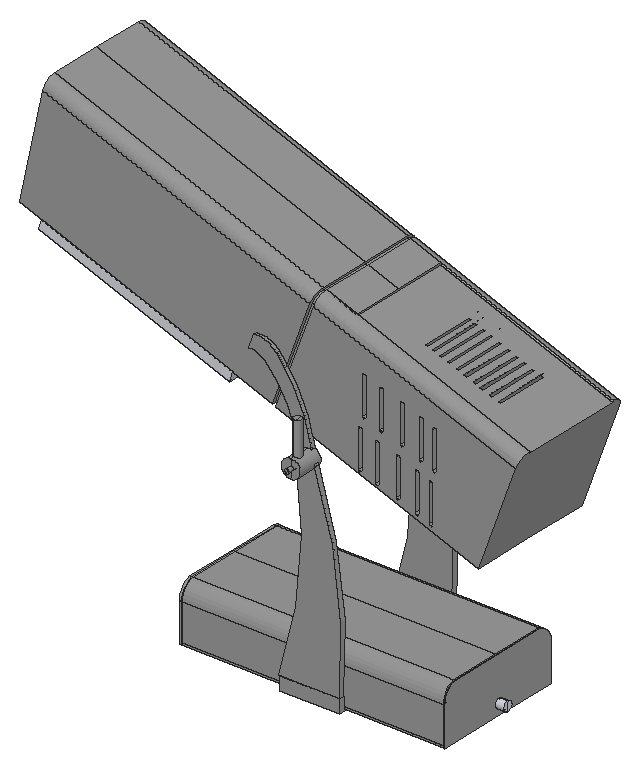
Revit family "PROJECTOR_LED_SPOT_LIGHT", category Lighting Fixtures, host Face, Revit 2018
Family settings
  Host = Face
  Round Connector Dimension = Use Diameter
  Part Type = Normal
  Cut with Voids When Loaded = No
  Light Source = No
  Shared = No
  Room Calculation Point = No
Parameters (values of type "TP.1")
  Rotation [instance] = 70.00°
  ROTATION [instance] = 90.00°
  RO [instance] = 45.00°
  Default Elevation = 1219.2 mm
Reference planes
  plane 1 "Center (Front/Back)": y = 0
  plane 2: z = 0
  plane 3 "Center (Left/Right)": x = 0
  plane 4: y = 47
  plane 5: y = -47
  plane 6: y = 36
  plane 7: y = -36
  plane 8: z = 120
  plane 9: z = 196
  plane 10: z = 162.998
  plane 11: through (1.128, -4572, 119.589) normal (0.342, 0, 0.9397)
  plane 12: z = 120
Forms (mm)
  Extrusion 1, solid
    sketch origin (0, 0, 0) x (0, 1, 0) y (0, 0, 1)
      loop
        line (0, 0) -> (25, 0) -> (25.646, 2.562) -> (39.362, 2.562) -> (39.362, 12.015) -> (36.953, 12.015) -> (36.953, 3.562) -> (24.866, 3.562) -> (24.221, 1) -> (0, 1) -> (-24.221, 1) -> (-24.866, 3.562) -> (-36.953, 3.562) -> (-36.953, 10.027) -> (-39.362, 10.027) -> (-39.362, 2.562) -> (-25.646, 2.562) -> (-25, 0) -> (0, 0)
    from -13.455 to 19.271
  Extrusion 2, solid
    sketch origin (0, 0, 0) x (0, 1, 0) y (0, 0, 1)
      loop
        line (36, 3.562) -> (36, 4.621) -> (-36, 4.621) -> (-36, 3.562) -> (36, 3.562)
    from -70 to 73
  Extrusion 3, solid
    sketch origin (0, 0, 0) x (0, 1, 0) y (0, 0, 1)
      loop
        line (36, 4.621) -> (36, 24.621)
        arc (36, 24.621) -> (33.976, 30.384) -> (28.794, 33.616) r 9.217
        line (28.794, 33.616) -> (0, 33.616) -> (-28.794, 33.616)
        arc (-28.794, 33.616) -> (-33.976, 30.384) -> (-36, 24.621) r 9.217
        line (-36, 24.621) -> (-36, 4.621) -> (0, 4.621) -> (36, 4.621)
    from -70 to 73
  Extrusion 4, solid
    sketch origin (-20.179, 0, 3.634) x (0, 1, 0) y (0.34202, 0, 0.939693)
      loop
        line (35, 126.247) -> (35, 185.874)
        arc (35, 185.874) -> (33.133, 190.383) -> (28.624, 192.25) r 6.376
        line (28.624, 192.25) -> (0, 192.25) -> (-28.624, 192.25)
        arc (-28.624, 192.25) -> (-33.133, 190.383) -> (-35, 185.874) r 6.376
        line (-35, 185.874) -> (-35, 126.247) -> (0, 126.247) -> (35, 126.247)
    from -203 to 73
  Revolve 5, solid
    sketch origin (0, 0, 0) x (0, 1, 0) y (0, 0, 1)
      loop
        line (-48.822, 120) -> (-34.812, 120) -> (-34.812, 125) -> (-48.822, 125) -> (-48.822, 120)
      axis (-48.822, 120) -> (-34.812, 120)
    angle from 0 to 360
  Revolve 6, solid
    sketch origin (0, 0, 0) x (0, 1, 0) y (0, 0, 1)
      loop
        line (-44.373, 124.357) -> (-42.211, 124.357) -> (-42.211, 142.605) -> (-44.373, 142.605) -> (-44.373, 124.357)
      axis (-44.373, 124.357) -> (-44.373, 142.605)
    angle from 0 to 360
  Revolve 7, solid
    sketch origin (0, 0, 0) x (0, 1, 0) y (0, 0, 1)
      loop
        line (-51.332, 120) -> (-33.897, 120) -> (-33.897, 121.201) -> (-51.332, 121.201) -> (-51.332, 120)
      axis (-51.332, 120) -> (-33.897, 120)
    angle from 0 to 360
  Extrusion 8, solid
    sketch origin (0, 0, 0) x (1, 0, 0) y (0, 0, 1)
      loop
        line (3.664, 117.622) -> (2.682, 121.878) -> (-0.982, 124.256) -> (-3.664, 122.378) -> (-2.682, 118.122) -> (0.982, 115.744) -> (3.664, 117.622)
    from 33.897 to 35
  Revolve 9, solid
    sketch origin (0, 0, 0) x (0, -1, 0) y (0, 0, 1)
      loop
        line (-48.822, 120) -> (-34.891, 120) -> (-34.891, 125) -> (-48.822, 125) -> (-48.822, 120)
      axis (-48.822, 120) -> (-34.891, 120)
    angle from 0 to 360
  Revolve 10, solid
    sketch origin (0, 0, 0) x (0, -1, 0) y (0, 0, 1)
      loop
        line (-44.373, 124.357) -> (-42.211, 124.357) -> (-42.211, 142.605) -> (-44.373, 142.605) -> (-44.373, 124.357)
      axis (-44.373, 124.357) -> (-44.373, 142.605)
    angle from 0 to 360
  Revolve 11, solid
    sketch origin (0, 0, 0) x (0, -1, 0) y (0, 0, 1)
      loop
        line (-51.332, 120) -> (-33.897, 120) -> (-33.897, 121.201) -> (-51.332, 121.201) -> (-51.332, 120)
      axis (-51.332, 120) -> (-33.897, 120)
    angle from 0 to 360
  Extrusion 12, solid
    sketch origin (0, 0, 0) x (1, 0, 0) y (0, 0, -1)
      loop
        line (3.664, -117.622) -> (0.982, -115.744) -> (-2.682, -118.122) -> (-3.664, -122.378) -> (-0.982, -124.256) -> (2.682, -121.878) -> (3.664, -117.622)
    from 33.897 to 35
  Extrusion 13, void
    sketch origin (20.864, -35, 116.397) x (-0.34202, 0, -0.939693) y (-0.939693, 0, 0.34202)
      loop
        line (-72.25, 203) -> (0, 192.846) -> (0, 203) -> (-72.25, 203)
    from -161.015 to 250
  Extrusion 14, void
    sketch origin (-41.042, 0, 7.237) x (0.939693, 0, -0.34202) y (0.34202, 0, 0.939693)
      loop
        arc (52.083, 178.118) -> (50.703, 178.762) -> (50.06, 177.382) r 1.077
        line (50.06, 177.382) -> (56.9, 158.588)
        arc (56.9, 158.588) -> (58.28, 157.945) -> (58.924, 159.325) r 1.077
        line (58.924, 159.325) -> (52.083, 178.118)
      loop
        arc (44.12, 178.118) -> (42.74, 178.762) -> (42.097, 177.382) r 1.077
        line (42.097, 177.382) -> (48.937, 158.588)
        arc (48.937, 158.588) -> (50.317, 157.945) -> (50.96, 159.325) r 1.077
        line (50.96, 159.325) -> (44.12, 178.118)
      loop
        arc (33.127, 178.118) -> (31.747, 178.762) -> (31.104, 177.382) r 1.077
        line (31.104, 177.382) -> (37.944, 158.588)
        arc (37.944, 158.588) -> (39.324, 157.945) -> (39.967, 159.325) r 1.077
        line (39.967, 159.325) -> (33.127, 178.118)
      loop
        arc (21.516, 177.103) -> (20.136, 177.746) -> (19.492, 176.366) r 1.077
        line (19.492, 176.366) -> (26.333, 157.572)
        arc (26.333, 157.572) -> (27.713, 156.929) -> (28.356, 158.309) r 1.077
        line (28.356, 158.309) -> (21.516, 177.103)
      loop
        arc (11.516, 177.103) -> (10.136, 177.746) -> (9.492, 176.366) r 1.077
        line (9.492, 176.366) -> (16.333, 157.572)
        arc (16.333, 157.572) -> (17.713, 156.929) -> (18.356, 158.309) r 1.077
        line (18.356, 158.309) -> (11.516, 177.103)
      loop
        arc (59.254, 152.122) -> (57.874, 152.765) -> (57.231, 151.385) r 1.077
        line (57.231, 151.385) -> (64.071, 132.591)
        arc (64.071, 132.591) -> (65.451, 131.948) -> (66.094, 133.328) r 1.077
        line (66.094, 133.328) -> (59.254, 152.122)
      loop
        arc (51.291, 152.122) -> (49.911, 152.765) -> (49.267, 151.385) r 1.077
        line (49.267, 151.385) -> (56.108, 132.591)
        arc (56.108, 132.591) -> (57.488, 131.948) -> (58.131, 133.328) r 1.077
        line (58.131, 133.328) -> (51.291, 152.122)
      loop
        arc (40.298, 152.122) -> (38.918, 152.765) -> (38.274, 151.385) r 1.077
        line (38.274, 151.385) -> (45.115, 132.591)
        arc (45.115, 132.591) -> (46.495, 131.948) -> (47.138, 133.328) r 1.077
        line (47.138, 133.328) -> (40.298, 152.122)
      loop
        arc (28.686, 151.106) -> (27.307, 151.749) -> (26.663, 150.369) r 1.077
        line (26.663, 150.369) -> (33.503, 131.576)
        arc (33.503, 131.576) -> (34.883, 130.932) -> (35.527, 132.312) r 1.077
        line (35.527, 132.312) -> (28.686, 151.106)
      loop
        arc (18.686, 151.106) -> (17.307, 151.749) -> (16.663, 150.369) r 1.077
        line (16.663, 150.369) -> (23.503, 131.576)
        arc (23.503, 131.576) -> (24.883, 130.932) -> (25.527, 132.312) r 1.077
        line (25.527, 132.312) -> (18.686, 151.106)
    from 31.343 to 39.362
  Extrusion 15, void
    sketch origin (-41.042, 0, 7.237) x (0.939693, 0, -0.34202) y (-0.34202, 0, -0.939693)
      loop
        line (52.083, -178.118) -> (58.924, -159.325)
        arc (58.924, -159.325) -> (58.28, -157.945) -> (56.9, -158.588) r 1.077
        line (56.9, -158.588) -> (50.06, -177.382)
        arc (50.06, -177.382) -> (50.703, -178.762) -> (52.083, -178.118) r 1.077
      loop
        line (44.12, -178.118) -> (50.96, -159.325)
        arc (50.96, -159.325) -> (50.317, -157.945) -> (48.937, -158.588) r 1.077
        line (48.937, -158.588) -> (42.097, -177.382)
        arc (42.097, -177.382) -> (42.74, -178.762) -> (44.12, -178.118) r 1.077
      loop
        line (33.127, -178.118) -> (39.967, -159.325)
        arc (39.967, -159.325) -> (39.324, -157.945) -> (37.944, -158.588) r 1.077
        line (37.944, -158.588) -> (31.104, -177.382)
        arc (31.104, -177.382) -> (31.747, -178.762) -> (33.127, -178.118) r 1.077
      loop
        line (21.516, -177.103) -> (28.356, -158.309)
        arc (28.356, -158.309) -> (27.713, -156.929) -> (26.333, -157.572) r 1.077
        line (26.333, -157.572) -> (19.492, -176.366)
        arc (19.492, -176.366) -> (20.136, -177.746) -> (21.516, -177.103) r 1.077
      loop
        line (11.516, -177.103) -> (18.356, -158.309)
        arc (18.356, -158.309) -> (17.713, -156.929) -> (16.333, -157.572) r 1.077
        line (16.333, -157.572) -> (9.492, -176.366)
        arc (9.492, -176.366) -> (10.136, -177.746) -> (11.516, -177.103) r 1.077
      loop
        line (59.254, -152.122) -> (66.094, -133.328)
        arc (66.094, -133.328) -> (65.451, -131.948) -> (64.071, -132.591) r 1.077
        line (64.071, -132.591) -> (57.231, -151.385)
        arc (57.231, -151.385) -> (57.874, -152.765) -> (59.254, -152.122) r 1.077
      loop
        line (51.291, -152.122) -> (58.131, -133.328)
        arc (58.131, -133.328) -> (57.488, -131.948) -> (56.108, -132.591) r 1.077
        line (56.108, -132.591) -> (49.267, -151.385)
        arc (49.267, -151.385) -> (49.911, -152.765) -> (51.291, -152.122) r 1.077
      loop
        line (40.298, -152.122) -> (47.138, -133.328)
        arc (47.138, -133.328) -> (46.495, -131.948) -> (45.115, -132.591) r 1.077
        line (45.115, -132.591) -> (38.274, -151.385)
        arc (38.274, -151.385) -> (38.918, -152.765) -> (40.298, -152.122) r 1.077
      loop
        line (28.686, -151.106) -> (35.527, -132.312)
        arc (35.527, -132.312) -> (34.883, -130.932) -> (33.503, -131.576) r 1.077
        line (33.503, -131.576) -> (26.663, -150.369)
        arc (26.663, -150.369) -> (27.307, -151.749) -> (28.686, -151.106) r 1.077
      loop
        line (18.686, -151.106) -> (25.527, -132.312)
        arc (25.527, -132.312) -> (24.883, -130.932) -> (23.503, -131.576) r 1.077
        line (23.503, -131.576) -> (16.663, -150.369)
        arc (16.663, -150.369) -> (17.307, -151.749) -> (18.686, -151.106) r 1.077
    from 31.343 to 39.362
  Extrusion 16, solid
    sketch origin (0, 0, 0) x (1, 0, 0) y (0, 0, 1)
      loop
        arc (-5, 120) -> (-2.66, 64.44) -> (-14.132, 10.027) r 223.131
        line (-14.132, 10.027) -> (19.085, 10.027)
        arc (19.085, 10.027) -> (18.253, 65.809) -> (5, 120) r 248.515
        arc (5, 120) -> (0, 115) -> (-5, 120) r 5
    from 36.953 to 39.362
  Extrusion 17, solid
    sketch origin (0, 0, 0) x (1, 0, 0) y (0, 0, -1)
      loop
        arc (-5, -120) -> (0, -115) -> (5, -120) r 5
        arc (5, -120) -> (18.125, -66.799) -> (19.271, -12.015) r 248.515
        line (19.271, -12.015) -> (-13.455, -12.015)
        arc (-13.455, -12.015) -> (-2.576, -65.487) -> (-5, -120) r 223.131
    from 36.953 to 39.362
  Revolve 18, solid
    sketch origin (0.171, 0, -8.872) x (1, 0, 0) y (0, 0, 1)
      loop
        line (72.829, 19.118) -> (74.977, 19.118) -> (74.977, 21.072) -> (72.829, 21.072) -> (72.829, 19.118)
      axis (72.829, 19.118) -> (74.977, 19.118)
    angle from 0 to 360
  Revolve 19, solid
    sketch origin (0, 0, 0) x (1, 0, 0) y (0, 0, 1)
      loop
        arc (74.783, 12.756) -> (75.053, 11.514) -> (75.147, 10.247) r 9.117
        line (75.147, 10.247) -> (79.329, 10.247) -> (79.329, 12.756) -> (74.783, 12.756)
      axis (74.783, 10.247) -> (79.329, 10.247)
    angle from 0 to 360
  Extrusion 20, solid
    sketch origin (-41.042, 0, 7.237) x (0.939693, 0, -0.34202) y (0.34202, 0, 0.939693)
      loop
        arc (0, 125) -> (-13.572, 143.248) -> (-31.82, 156.82) r 78.219
        arc (-31.82, 156.82) -> (-38.343, 158.526) -> (-44.924, 157.057) r 14.314
        line (-44.924, 157.057) -> (-44.924, 148.956)
        arc (-44.924, 148.956) -> (-40.488, 149.928) -> (-36.051, 148.956) r 10.605
        arc (-36.051, 148.956) -> (-18.197, 136.975) -> (-5, 120) r 67.71
        arc (-5, 120) -> (-3.536, 123.536) -> (0, 125) r 5
    from 35 to 36.953
  Extrusion 21, solid
    sketch origin (-41.042, 0, 7.237) x (0.939693, 0, -0.34202) y (-0.34202, 0, -0.939693)
      loop
        arc (0, -125) -> (-3.536, -123.536) -> (-5, -120) r 5
        arc (-5, -120) -> (-18.197, -136.975) -> (-36.051, -148.956) r 67.71
        arc (-36.051, -148.956) -> (-40.488, -149.928) -> (-44.924, -148.956) r 10.605
        line (-44.924, -148.956) -> (-44.924, -157.057)
        arc (-44.924, -157.057) -> (-38.343, -158.526) -> (-31.82, -156.82) r 14.314
        arc (-31.82, -156.82) -> (-13.572, -143.248) -> (0, -125) r 78.219
    from 35 to 36.953
  Extrusion 22, void
    sketch origin (-21.461, 0, 0.11) x (0, 1, 0) y (0.34202, 0, 0.939693)
      loop
        line (28.624, 196) -> (0, 196) -> (-28.624, 196)
        arc (-28.624, 196) -> (-33.133, 194.133) -> (-35, 189.624) r 6.376
        line (-35, 189.624) -> (-35, 129.997) -> (0, 129.997) -> (35, 129.997) -> (35, 189.624)
        arc (35, 189.624) -> (33.133, 194.133) -> (28.624, 196) r 6.376
      loop
        line (28.624, 195) -> (0, 195) -> (-28.624, 195)
        arc (-28.624, 195) -> (-32.426, 193.426) -> (-34, 189.624) r 5.376
        line (-34, 189.624) -> (-34, 130.997) -> (0, 130.997) -> (34, 130.997) -> (34, 189.624)
        arc (34, 189.624) -> (32.426, 193.426) -> (28.624, 195) r 5.376
    from -46.727 to -44.924
  Extrusion 23, void
    sketch origin (-21.461, 0, 0.11) x (0, 1, 0) y (0.34202, 0, 0.939693)
      loop
        line (28.624, 196) -> (0, 196) -> (-28.624, 196) -> (-28.624, 195)
        arc (-28.624, 195) -> (0, 193.875) -> (28.624, 195) r 364.596
        line (28.624, 195) -> (28.624, 196)
    from -27.257 to 73
  Extrusion 24, solid
    sketch origin (0, 0, 0) x (0, 1, 0) y (0, 0, 1)
      loop
        line (28.794, 33.616) -> (0, 33.616) -> (-28.794, 33.616)
        arc (-28.794, 33.616) -> (-33.976, 30.384) -> (-36, 24.621) r 9.217
        line (-36, 24.621) -> (-36, 3.562) -> (0, 3.562) -> (36, 3.562) -> (36, 24.621)
        arc (36, 24.621) -> (33.976, 30.384) -> (28.794, 33.616) r 9.217
    from 73 to 73.914
  Extrusion 25, solid
    sketch origin (0, 0, 0) x (0, 1, 0) y (0, 0, -1)
      loop
        arc (28.794, -33.616) -> (33.976, -30.384) -> (36, -24.621) r 9.217
        line (36, -24.621) -> (36, -3.562) -> (0, -3.562) -> (-36, -3.562) -> (-36, -24.621)
        arc (-36, -24.621) -> (-33.976, -30.384) -> (-28.794, -33.616) r 9.217
        line (-28.794, -33.616) -> (0, -33.616) -> (28.794, -33.616)
    from 70 to 71.219
  Extrusion 26, void
    sketch origin (-21.461, 0, 0.11) x (0, 1, 0) y (0.34202, 0, 0.939693)
      loop
        circle (0, 165.227) r 15
    from -257.572 to -192.846
  Extrusion 27, void
    sketch origin (-41.666, 0, 5.524) x (0.939693, 0, -0.34202) y (0, 1, 0)
      loop
        line (64.044, 21.332) -> (64.044, -18.668) -> (65.755, -18.668) -> (65.755, 21.332) -> (64.044, 21.332)
      loop
        line (59.044, 21.332) -> (59.044, -18.668) -> (60.755, -18.668) -> (60.755, 21.332) -> (59.044, 21.332)
      loop
        line (54.044, 21.332) -> (54.044, -18.668) -> (55.755, -18.668) -> (55.755, 21.332) -> (54.044, 21.332)
      loop
        line (49.644, 21.332) -> (49.644, -18.668) -> (51.355, -18.668) -> (51.355, 21.332) -> (49.644, 21.332)
      loop
        line (44.644, 21.332) -> (44.644, -18.668) -> (46.355, -18.668) -> (46.355, 21.332) -> (44.644, 21.332)
      loop
        line (39.644, 21.332) -> (39.644, -18.668) -> (41.355, -18.668) -> (41.355, 21.332) -> (39.644, 21.332)
      loop
        line (34.644, 21.332) -> (34.644, -18.668) -> (36.355, -18.668) -> (36.355, 21.332) -> (34.644, 21.332)
      loop
        line (30.149, 21.332) -> (30.149, -18.668) -> (31.86, -18.668) -> (31.86, 21.332) -> (30.149, 21.332)
      loop
        line (25.858, 21.332) -> (25.858, -18.668) -> (27.569, -18.668) -> (27.569, 21.332) -> (25.858, 21.332)
      loop
        line (22.118, 21.332) -> (22.118, -18.668) -> (23.829, -18.668) -> (23.829, 21.332) -> (22.118, 21.332)
    from 175.231 to 196
  Extrusion 28, solid, not visible
    sketch origin (0, 0, 3.75) x (0, 1, 0) y (0, 0, 1)
      loop
        line (35, 126.247) -> (35, 185.874)
        arc (35, 185.874) -> (33.133, 190.383) -> (28.624, 192.25) r 6.376
        line (28.624, 192.25) -> (0, 192.25) -> (-28.624, 192.25)
        arc (-28.624, 192.25) -> (-33.133, 190.383) -> (-35, 185.874) r 6.376
        line (-35, 185.874) -> (-35, 126.247) -> (0, 126.247) -> (35, 126.247)
    from -203 to 73
  Extrusion 29, void, not visible
    sketch origin (0, 0, 0) x (1, 0, 0) y (0, 0, 1)
      loop
        line (-203, 196) -> (-203, 123.75) -> (-192.846, 123.75) -> (-203, 196)
    from -161.015 to 250
  Extrusion 30, void, not visible
    sketch origin (0, 0, 0) x (1, 0, 0) y (0, 0, 1)
      loop
        arc (52.083, 178.118) -> (50.703, 178.762) -> (50.06, 177.382) r 1.077
        line (50.06, 177.382) -> (56.9, 158.588)
        arc (56.9, 158.588) -> (58.28, 157.945) -> (58.924, 159.325) r 1.077
        line (58.924, 159.325) -> (52.083, 178.118)
      loop
        arc (44.12, 178.118) -> (42.74, 178.762) -> (42.097, 177.382) r 1.077
        line (42.097, 177.382) -> (48.937, 158.588)
        arc (48.937, 158.588) -> (50.317, 157.945) -> (50.96, 159.325) r 1.077
        line (50.96, 159.325) -> (44.12, 178.118)
      loop
        arc (33.127, 178.118) -> (31.747, 178.762) -> (31.104, 177.382) r 1.077
        line (31.104, 177.382) -> (37.944, 158.588)
        arc (37.944, 158.588) -> (39.324, 157.945) -> (39.967, 159.325) r 1.077
        line (39.967, 159.325) -> (33.127, 178.118)
      loop
        arc (21.516, 177.103) -> (20.136, 177.746) -> (19.492, 176.366) r 1.077
        line (19.492, 176.366) -> (26.333, 157.572)
        arc (26.333, 157.572) -> (27.713, 156.929) -> (28.356, 158.309) r 1.077
        line (28.356, 158.309) -> (21.516, 177.103)
      loop
        arc (11.516, 177.103) -> (10.136, 177.746) -> (9.492, 176.366) r 1.077
        line (9.492, 176.366) -> (16.333, 157.572)
        arc (16.333, 157.572) -> (17.713, 156.929) -> (18.356, 158.309) r 1.077
        line (18.356, 158.309) -> (11.516, 177.103)
      loop
        arc (59.254, 152.122) -> (57.874, 152.765) -> (57.231, 151.385) r 1.077
        line (57.231, 151.385) -> (64.071, 132.591)
        arc (64.071, 132.591) -> (65.451, 131.948) -> (66.094, 133.328) r 1.077
        line (66.094, 133.328) -> (59.254, 152.122)
      loop
        arc (51.291, 152.122) -> (49.911, 152.765) -> (49.267, 151.385) r 1.077
        line (49.267, 151.385) -> (56.108, 132.591)
        arc (56.108, 132.591) -> (57.488, 131.948) -> (58.131, 133.328) r 1.077
        line (58.131, 133.328) -> (51.291, 152.122)
      loop
        arc (40.298, 152.122) -> (38.918, 152.765) -> (38.274, 151.385) r 1.077
        line (38.274, 151.385) -> (45.115, 132.591)
        arc (45.115, 132.591) -> (46.495, 131.948) -> (47.138, 133.328) r 1.077
        line (47.138, 133.328) -> (40.298, 152.122)
      loop
        arc (28.686, 151.106) -> (27.307, 151.749) -> (26.663, 150.369) r 1.077
        line (26.663, 150.369) -> (33.503, 131.576)
        arc (33.503, 131.576) -> (34.883, 130.932) -> (35.527, 132.312) r 1.077
        line (35.527, 132.312) -> (28.686, 151.106)
      loop
        arc (18.686, 151.106) -> (17.307, 151.749) -> (16.663, 150.369) r 1.077
        line (16.663, 150.369) -> (23.503, 131.576)
        arc (23.503, 131.576) -> (24.883, 130.932) -> (25.527, 132.312) r 1.077
        line (25.527, 132.312) -> (18.686, 151.106)
    from 31.343 to 39.362
  Extrusion 31, void, not visible
    sketch origin (0, 0, 0) x (1, 0, 0) y (0, 0, -1)
      loop
        line (52.083, -178.118) -> (58.924, -159.325)
        arc (58.924, -159.325) -> (58.28, -157.945) -> (56.9, -158.588) r 1.077
        line (56.9, -158.588) -> (50.06, -177.382)
        arc (50.06, -177.382) -> (50.703, -178.762) -> (52.083, -178.118) r 1.077
      loop
        line (44.12, -178.118) -> (50.96, -159.325)
        arc (50.96, -159.325) -> (50.317, -157.945) -> (48.937, -158.588) r 1.077
        line (48.937, -158.588) -> (42.097, -177.382)
        arc (42.097, -177.382) -> (42.74, -178.762) -> (44.12, -178.118) r 1.077
      loop
        line (33.127, -178.118) -> (39.967, -159.325)
        arc (39.967, -159.325) -> (39.324, -157.945) -> (37.944, -158.588) r 1.077
        line (37.944, -158.588) -> (31.104, -177.382)
        arc (31.104, -177.382) -> (31.747, -178.762) -> (33.127, -178.118) r 1.077
      loop
        line (21.516, -177.103) -> (28.356, -158.309)
        arc (28.356, -158.309) -> (27.713, -156.929) -> (26.333, -157.572) r 1.077
        line (26.333, -157.572) -> (19.492, -176.366)
        arc (19.492, -176.366) -> (20.136, -177.746) -> (21.516, -177.103) r 1.077
      loop
        line (11.516, -177.103) -> (18.356, -158.309)
        arc (18.356, -158.309) -> (17.713, -156.929) -> (16.333, -157.572) r 1.077
        line (16.333, -157.572) -> (9.492, -176.366)
        arc (9.492, -176.366) -> (10.136, -177.746) -> (11.516, -177.103) r 1.077
      loop
        line (59.254, -152.122) -> (66.094, -133.328)
        arc (66.094, -133.328) -> (65.451, -131.948) -> (64.071, -132.591) r 1.077
        line (64.071, -132.591) -> (57.231, -151.385)
        arc (57.231, -151.385) -> (57.874, -152.765) -> (59.254, -152.122) r 1.077
      loop
        line (51.291, -152.122) -> (58.131, -133.328)
        arc (58.131, -133.328) -> (57.488, -131.948) -> (56.108, -132.591) r 1.077
        line (56.108, -132.591) -> (49.267, -151.385)
        arc (49.267, -151.385) -> (49.911, -152.765) -> (51.291, -152.122) r 1.077
      loop
        line (40.298, -152.122) -> (47.138, -133.328)
        arc (47.138, -133.328) -> (46.495, -131.948) -> (45.115, -132.591) r 1.077
        line (45.115, -132.591) -> (38.274, -151.385)
        arc (38.274, -151.385) -> (38.918, -152.765) -> (40.298, -152.122) r 1.077
      loop
        line (28.686, -151.106) -> (35.527, -132.312)
        arc (35.527, -132.312) -> (34.883, -130.932) -> (33.503, -131.576) r 1.077
        line (33.503, -131.576) -> (26.663, -150.369)
        arc (26.663, -150.369) -> (27.307, -151.749) -> (28.686, -151.106) r 1.077
      loop
        line (18.686, -151.106) -> (25.527, -132.312)
        arc (25.527, -132.312) -> (24.883, -130.932) -> (23.503, -131.576) r 1.077
        line (23.503, -131.576) -> (16.663, -150.369)
        arc (16.663, -150.369) -> (17.307, -151.749) -> (18.686, -151.106) r 1.077
    from 31.343 to 39.362
  Extrusion 32, solid, not visible
    sketch origin (0, 0, 0) x (1, 0, 0) y (0, 0, 1)
      loop
        line (-180.881, 129.997) -> (-180.881, 124.357) -> (-70, 124.357) -> (-70, 129.997) -> (-180.881, 129.997)
    from -36 to 35
  Extrusion 33, void, not visible
    sketch origin (0, 0, 0) x (0, 1, 0) y (0, 0, 1)
      loop
        line (28.624, 196) -> (0, 196) -> (-28.624, 196)
        arc (-28.624, 196) -> (-33.133, 194.133) -> (-35, 189.624) r 6.376
        line (-35, 189.624) -> (-35, 129.997) -> (0, 129.997) -> (35, 129.997) -> (35, 189.624)
        arc (35, 189.624) -> (33.133, 194.133) -> (28.624, 196) r 6.376
      loop
        line (28.624, 195) -> (0, 195) -> (-28.624, 195)
        arc (-28.624, 195) -> (-32.426, 193.426) -> (-34, 189.624) r 5.376
        line (-34, 189.624) -> (-34, 130.997) -> (0, 130.997) -> (34, 130.997) -> (34, 189.624)
        arc (34, 189.624) -> (32.426, 193.426) -> (28.624, 195) r 5.376
    from -46.727 to -44.924
  Extrusion 34, void, not visible
    sketch origin (0, 0, 0) x (0, 1, 0) y (0, 0, 1)
      loop
        line (28.624, 196) -> (0, 196) -> (-28.624, 196) -> (-28.624, 195)
        arc (-28.624, 195) -> (0, 193.875) -> (28.624, 195) r 364.596
        line (28.624, 195) -> (28.624, 196)
    from -27.257 to 73
  Extrusion 35, void, not visible
    sketch origin (0, 0, 0) x (0, 1, 0) y (0, 0, 1)
      loop
        circle (0, 165.227) r 15
    from -257.572 to -192.846
  Extrusion 36, void, not visible
    sketch origin (0, 0, 0) x (1, 0, 0) y (0, 1, 0)
      loop
        line (64.044, 21.332) -> (64.044, -18.668) -> (65.755, -18.668) -> (65.755, 21.332) -> (64.044, 21.332)
      loop
        line (59.044, 21.332) -> (59.044, -18.668) -> (60.755, -18.668) -> (60.755, 21.332) -> (59.044, 21.332)
      loop
        line (54.044, 21.332) -> (54.044, -18.668) -> (55.755, -18.668) -> (55.755, 21.332) -> (54.044, 21.332)
      loop
        line (49.644, 21.332) -> (49.644, -18.668) -> (51.355, -18.668) -> (51.355, 21.332) -> (49.644, 21.332)
      loop
        line (44.644, 21.332) -> (44.644, -18.668) -> (46.355, -18.668) -> (46.355, 21.332) -> (44.644, 21.332)
      loop
        line (39.644, 21.332) -> (39.644, -18.668) -> (41.355, -18.668) -> (41.355, 21.332) -> (39.644, 21.332)
      loop
        line (34.644, 21.332) -> (34.644, -18.668) -> (36.355, -18.668) -> (36.355, 21.332) -> (34.644, 21.332)
      loop
        line (30.149, 21.332) -> (30.149, -18.668) -> (31.86, -18.668) -> (31.86, 21.332) -> (30.149, 21.332)
      loop
        line (25.858, 21.332) -> (25.858, -18.668) -> (27.569, -18.668) -> (27.569, 21.332) -> (25.858, 21.332)
      loop
        line (22.118, 21.332) -> (22.118, -18.668) -> (23.829, -18.668) -> (23.829, 21.332) -> (22.118, 21.332)
    from 175.231 to 250
  Extrusion 37, solid, not visible
    sketch origin (0, 0, 3.75) x (0, 1, 0) y (0, 0, 1)
      loop
        line (35, 126.247) -> (35, 185.874)
        arc (35, 185.874) -> (33.133, 190.383) -> (28.624, 192.25) r 6.376
        line (28.624, 192.25) -> (0, 192.25) -> (-28.624, 192.25)
        arc (-28.624, 192.25) -> (-33.133, 190.383) -> (-35, 185.874) r 6.376
        line (-35, 185.874) -> (-35, 126.247) -> (0, 126.247) -> (35, 126.247)
    from -203 to 73
  Extrusion 38, void, not visible
    sketch origin (0, 0, 0) x (1, 0, 0) y (0, 0, 1)
      loop
        line (-203, 196) -> (-203, 123.75) -> (-192.846, 123.75) -> (-203, 196)
    from -161.015 to 250
  Extrusion 39, void, not visible
    sketch origin (0, 0, 0) x (1, 0, 0) y (0, 0, 1)
      loop
        arc (52.083, 178.118) -> (50.703, 178.762) -> (50.06, 177.382) r 1.077
        line (50.06, 177.382) -> (56.9, 158.588)
        arc (56.9, 158.588) -> (58.28, 157.945) -> (58.924, 159.325) r 1.077
        line (58.924, 159.325) -> (52.083, 178.118)
      loop
        arc (44.12, 178.118) -> (42.74, 178.762) -> (42.097, 177.382) r 1.077
        line (42.097, 177.382) -> (48.937, 158.588)
        arc (48.937, 158.588) -> (50.317, 157.945) -> (50.96, 159.325) r 1.077
        line (50.96, 159.325) -> (44.12, 178.118)
      loop
        arc (33.127, 178.118) -> (31.747, 178.762) -> (31.104, 177.382) r 1.077
        line (31.104, 177.382) -> (37.944, 158.588)
        arc (37.944, 158.588) -> (39.324, 157.945) -> (39.967, 159.325) r 1.077
        line (39.967, 159.325) -> (33.127, 178.118)
      loop
        arc (21.516, 177.103) -> (20.136, 177.746) -> (19.492, 176.366) r 1.077
        line (19.492, 176.366) -> (26.333, 157.572)
        arc (26.333, 157.572) -> (27.713, 156.929) -> (28.356, 158.309) r 1.077
        line (28.356, 158.309) -> (21.516, 177.103)
      loop
        arc (11.516, 177.103) -> (10.136, 177.746) -> (9.492, 176.366) r 1.077
        line (9.492, 176.366) -> (16.333, 157.572)
        arc (16.333, 157.572) -> (17.713, 156.929) -> (18.356, 158.309) r 1.077
        line (18.356, 158.309) -> (11.516, 177.103)
      loop
        arc (59.254, 152.122) -> (57.874, 152.765) -> (57.231, 151.385) r 1.077
        line (57.231, 151.385) -> (64.071, 132.591)
        arc (64.071, 132.591) -> (65.451, 131.948) -> (66.094, 133.328) r 1.077
        line (66.094, 133.328) -> (59.254, 152.122)
      loop
        arc (51.291, 152.122) -> (49.911, 152.765) -> (49.267, 151.385) r 1.077
        line (49.267, 151.385) -> (56.108, 132.591)
        arc (56.108, 132.591) -> (57.488, 131.948) -> (58.131, 133.328) r 1.077
        line (58.131, 133.328) -> (51.291, 152.122)
      loop
        arc (40.298, 152.122) -> (38.918, 152.765) -> (38.274, 151.385) r 1.077
        line (38.274, 151.385) -> (45.115, 132.591)
        arc (45.115, 132.591) -> (46.495, 131.948) -> (47.138, 133.328) r 1.077
        line (47.138, 133.328) -> (40.298, 152.122)
      loop
        arc (28.686, 151.106) -> (27.307, 151.749) -> (26.663, 150.369) r 1.077
        line (26.663, 150.369) -> (33.503, 131.576)
        arc (33.503, 131.576) -> (34.883, 130.932) -> (35.527, 132.312) r 1.077
        line (35.527, 132.312) -> (28.686, 151.106)
      loop
        arc (18.686, 151.106) -> (17.307, 151.749) -> (16.663, 150.369) r 1.077
        line (16.663, 150.369) -> (23.503, 131.576)
        arc (23.503, 131.576) -> (24.883, 130.932) -> (25.527, 132.312) r 1.077
        line (25.527, 132.312) -> (18.686, 151.106)
    from 31.343 to 39.362
  Extrusion 40, void, not visible
    sketch origin (0, 0, 0) x (1, 0, 0) y (0, 0, -1)
      loop
        line (52.083, -178.118) -> (58.924, -159.325)
        arc (58.924, -159.325) -> (58.28, -157.945) -> (56.9, -158.588) r 1.077
        line (56.9, -158.588) -> (50.06, -177.382)
        arc (50.06, -177.382) -> (50.703, -178.762) -> (52.083, -178.118) r 1.077
      loop
        line (44.12, -178.118) -> (50.96, -159.325)
        arc (50.96, -159.325) -> (50.317, -157.945) -> (48.937, -158.588) r 1.077
        line (48.937, -158.588) -> (42.097, -177.382)
        arc (42.097, -177.382) -> (42.74, -178.762) -> (44.12, -178.118) r 1.077
      loop
        line (33.127, -178.118) -> (39.967, -159.325)
        arc (39.967, -159.325) -> (39.324, -157.945) -> (37.944, -158.588) r 1.077
        line (37.944, -158.588) -> (31.104, -177.382)
        arc (31.104, -177.382) -> (31.747, -178.762) -> (33.127, -178.118) r 1.077
      loop
        line (21.516, -177.103) -> (28.356, -158.309)
        arc (28.356, -158.309) -> (27.713, -156.929) -> (26.333, -157.572) r 1.077
        line (26.333, -157.572) -> (19.492, -176.366)
        arc (19.492, -176.366) -> (20.136, -177.746) -> (21.516, -177.103) r 1.077
      loop
        line (11.516, -177.103) -> (18.356, -158.309)
        arc (18.356, -158.309) -> (17.713, -156.929) -> (16.333, -157.572) r 1.077
        line (16.333, -157.572) -> (9.492, -176.366)
        arc (9.492, -176.366) -> (10.136, -177.746) -> (11.516, -177.103) r 1.077
      loop
        line (59.254, -152.122) -> (66.094, -133.328)
        arc (66.094, -133.328) -> (65.451, -131.948) -> (64.071, -132.591) r 1.077
        line (64.071, -132.591) -> (57.231, -151.385)
        arc (57.231, -151.385) -> (57.874, -152.765) -> (59.254, -152.122) r 1.077
      loop
        line (51.291, -152.122) -> (58.131, -133.328)
        arc (58.131, -133.328) -> (57.488, -131.948) -> (56.108, -132.591) r 1.077
        line (56.108, -132.591) -> (49.267, -151.385)
        arc (49.267, -151.385) -> (49.911, -152.765) -> (51.291, -152.122) r 1.077
      loop
        line (40.298, -152.122) -> (47.138, -133.328)
        arc (47.138, -133.328) -> (46.495, -131.948) -> (45.115, -132.591) r 1.077
        line (45.115, -132.591) -> (38.274, -151.385)
        arc (38.274, -151.385) -> (38.918, -152.765) -> (40.298, -152.122) r 1.077
      loop
        line (28.686, -151.106) -> (35.527, -132.312)
        arc (35.527, -132.312) -> (34.883, -130.932) -> (33.503, -131.576) r 1.077
        line (33.503, -131.576) -> (26.663, -150.369)
        arc (26.663, -150.369) -> (27.307, -151.749) -> (28.686, -151.106) r 1.077
      loop
        line (18.686, -151.106) -> (25.527, -132.312)
        arc (25.527, -132.312) -> (24.883, -130.932) -> (23.503, -131.576) r 1.077
        line (23.503, -131.576) -> (16.663, -150.369)
        arc (16.663, -150.369) -> (17.307, -151.749) -> (18.686, -151.106) r 1.077
    from 31.343 to 39.362
  Extrusion 41, solid, not visible
    sketch origin (0, 0, 0) x (1, 0, 0) y (0, 0, 1)
      loop
        arc (0, 125) -> (-13.572, 143.248) -> (-31.82, 156.82) r 78.219
        arc (-31.82, 156.82) -> (-38.343, 158.526) -> (-44.924, 157.057) r 14.314
        line (-44.924, 157.057) -> (-44.924, 148.956)
        arc (-44.924, 148.956) -> (-40.488, 149.928) -> (-36.051, 148.956) r 10.605
        arc (-36.051, 148.956) -> (-18.197, 136.975) -> (-5, 120) r 67.71
        arc (-5, 120) -> (-3.536, 123.536) -> (0, 125) r 5
    from 35 to 36.953
  Extrusion 42, solid, not visible
    sketch origin (0, 0, 0) x (1, 0, 0) y (0, 0, -1)
      loop
        arc (0, -125) -> (-3.536, -123.536) -> (-5, -120) r 5
        arc (-5, -120) -> (-18.197, -136.975) -> (-36.051, -148.956) r 67.71
        arc (-36.051, -148.956) -> (-40.488, -149.928) -> (-44.924, -148.956) r 10.605
        line (-44.924, -148.956) -> (-44.924, -157.057)
        arc (-44.924, -157.057) -> (-38.343, -158.526) -> (-31.82, -156.82) r 14.314
        arc (-31.82, -156.82) -> (-13.572, -143.248) -> (0, -125) r 78.219
    from 35 to 36.953
  Extrusion 43, solid, not visible
    sketch origin (0, 0, 0) x (1, 0, 0) y (0, 0, 1)
      loop
        line (-180.881, 129.997) -> (-180.881, 124.357) -> (-70, 124.357) -> (-70, 129.997) -> (-180.881, 129.997)
    from -36 to 35
  Extrusion 44, void, not visible
    sketch origin (0, 0, 0) x (0, 1, 0) y (0, 0, 1)
      loop
        line (28.624, 196) -> (0, 196) -> (-28.624, 196)
        arc (-28.624, 196) -> (-33.133, 194.133) -> (-35, 189.624) r 6.376
        line (-35, 189.624) -> (-35, 129.997) -> (0, 129.997) -> (35, 129.997) -> (35, 189.624)
        arc (35, 189.624) -> (33.133, 194.133) -> (28.624, 196) r 6.376
      loop
        line (28.624, 195) -> (0, 195) -> (-28.624, 195)
        arc (-28.624, 195) -> (-32.426, 193.426) -> (-34, 189.624) r 5.376
        line (-34, 189.624) -> (-34, 130.997) -> (0, 130.997) -> (34, 130.997) -> (34, 189.624)
        arc (34, 189.624) -> (32.426, 193.426) -> (28.624, 195) r 5.376
    from -46.727 to -44.924
  Extrusion 45, void, not visible
    sketch origin (0, 0, 0) x (0, 1, 0) y (0, 0, 1)
      loop
        line (28.624, 196) -> (0, 196) -> (-28.624, 196) -> (-28.624, 195)
        arc (-28.624, 195) -> (0, 193.875) -> (28.624, 195) r 364.596
        line (28.624, 195) -> (28.624, 196)
    from -27.257 to 73
  Extrusion 46, void, not visible
    sketch origin (0, 0, 0) x (0, 1, 0) y (0, 0, 1)
      loop
        circle (0, 165.227) r 15
    from -257.572 to -192.846
  Extrusion 47, void, not visible
    sketch origin (0, 0, 0) x (1, 0, 0) y (0, 1, 0)
      loop
        line (64.044, 21.332) -> (64.044, -18.668) -> (65.755, -18.668) -> (65.755, 21.332) -> (64.044, 21.332)
      loop
        line (59.044, 21.332) -> (59.044, -18.668) -> (60.755, -18.668) -> (60.755, 21.332) -> (59.044, 21.332)
      loop
        line (54.044, 21.332) -> (54.044, -18.668) -> (55.755, -18.668) -> (55.755, 21.332) -> (54.044, 21.332)
      loop
        line (49.644, 21.332) -> (49.644, -18.668) -> (51.355, -18.668) -> (51.355, 21.332) -> (49.644, 21.332)
      loop
        line (44.644, 21.332) -> (44.644, -18.668) -> (46.355, -18.668) -> (46.355, 21.332) -> (44.644, 21.332)
      loop
        line (39.644, 21.332) -> (39.644, -18.668) -> (41.355, -18.668) -> (41.355, 21.332) -> (39.644, 21.332)
      loop
        line (34.644, 21.332) -> (34.644, -18.668) -> (36.355, -18.668) -> (36.355, 21.332) -> (34.644, 21.332)
      loop
        line (30.149, 21.332) -> (30.149, -18.668) -> (31.86, -18.668) -> (31.86, 21.332) -> (30.149, 21.332)
      loop
        line (25.858, 21.332) -> (25.858, -18.668) -> (27.569, -18.668) -> (27.569, 21.332) -> (25.858, 21.332)
      loop
        line (22.118, 21.332) -> (22.118, -18.668) -> (23.829, -18.668) -> (23.829, 21.332) -> (22.118, 21.332)
    from 175.231 to 250
  Extrusion 48, solid, not visible
    sketch origin (0, 0, 0) x (0, 1, 0) y (0, 0, 1)
      loop
        line (0, 0) -> (25, 0) -> (25.646, 2.562) -> (39.362, 2.562) -> (39.362, 12.015) -> (36.953, 12.015) -> (36.953, 3.562) -> (24.866, 3.562) -> (24.221, 1) -> (0, 1) -> (-24.221, 1) -> (-24.866, 3.562) -> (-36.953, 3.562) -> (-36.953, 10.027) -> (-39.362, 10.027) -> (-39.362, 2.562) -> (-25.646, 2.562) -> (-25, 0) -> (0, 0)
    from -13.455 to 19.271
  Revolve 49, solid, not visible
    sketch origin (0, 0, 0) x (0, 1, 0) y (0, 0, 1)
      loop
        line (-48.822, 120) -> (-34.812, 120) -> (-34.812, 125) -> (-48.822, 125) -> (-48.822, 120)
      axis (-48.822, 120) -> (-34.812, 120)
    angle from 0 to 360
  Revolve 50, solid, not visible
    sketch origin (0, 0, 0) x (0, 1, 0) y (0, 0, 1)
      loop
        line (-44.373, 124.357) -> (-42.211, 124.357) -> (-42.211, 142.605) -> (-44.373, 142.605) -> (-44.373, 124.357)
      axis (-44.373, 124.357) -> (-44.373, 142.605)
    angle from 0 to 360
  Revolve 51, solid, not visible
    sketch origin (0, 0, 0) x (0, 1, 0) y (0, 0, 1)
      loop
        line (-51.332, 120) -> (-33.897, 120) -> (-33.897, 121.201) -> (-51.332, 121.201) -> (-51.332, 120)
      axis (-51.332, 120) -> (-33.897, 120)
    angle from 0 to 360
  Revolve 52, solid, not visible
    sketch origin (0, 0, 0) x (0, -1, 0) y (0, 0, 1)
      loop
        line (-48.822, 120) -> (-34.891, 120) -> (-34.891, 125) -> (-48.822, 125) -> (-48.822, 120)
      axis (-48.822, 120) -> (-34.891, 120)
    angle from 0 to 360
  Revolve 53, solid, not visible
    sketch origin (0, 0, 0) x (0, -1, 0) y (0, 0, 1)
      loop
        line (-44.373, 124.357) -> (-42.211, 124.357) -> (-42.211, 142.605) -> (-44.373, 142.605) -> (-44.373, 124.357)
      axis (-44.373, 124.357) -> (-44.373, 142.605)
    angle from 0 to 360
  Revolve 54, solid, not visible
    sketch origin (0, 0, 0) x (0, -1, 0) y (0, 0, 1)
      loop
        line (-51.332, 120) -> (-33.897, 120) -> (-33.897, 121.201) -> (-51.332, 121.201) -> (-51.332, 120)
      axis (-51.332, 120) -> (-33.897, 120)
    angle from 0 to 360
  Extrusion 55, solid, not visible
    sketch origin (0, 0, 0) x (1, 0, 0) y (0, 0, 1)
      loop
        arc (-5, 120) -> (-2.66, 64.44) -> (-14.132, 10.027) r 223.131
        line (-14.132, 10.027) -> (19.085, 10.027)
        arc (19.085, 10.027) -> (18.253, 65.809) -> (5, 120) r 248.515
        arc (5, 120) -> (0, 115) -> (-5, 120) r 5
    from 36.953 to 39.362
  Extrusion 56, solid, not visible
    sketch origin (0, 0, 0) x (1, 0, 0) y (0, 0, -1)
      loop
        arc (-5, -120) -> (0, -115) -> (5, -120) r 5
        arc (5, -120) -> (18.125, -66.799) -> (19.271, -12.015) r 248.515
        line (19.271, -12.015) -> (-13.455, -12.015)
        arc (-13.455, -12.015) -> (-2.576, -65.487) -> (-5, -120) r 223.131
    from 36.953 to 39.362
  Extrusion 57, solid, not visible
    sketch origin (0, 0, 0) x (0, 1, 0) y (0, 0, 1)
      loop
        line (28.794, 33.616) -> (0, 33.616) -> (-28.794, 33.616)
        arc (-28.794, 33.616) -> (-33.976, 30.384) -> (-36, 24.621) r 9.217
        line (-36, 24.621) -> (-36, 3.562) -> (0, 3.562) -> (36, 3.562) -> (36, 24.621)
        arc (36, 24.621) -> (33.976, 30.384) -> (28.794, 33.616) r 9.217
    from 73 to 73.914
  Extrusion 58, solid, not visible
    sketch origin (0, 0, 0) x (0, 1, 0) y (0, 0, -1)
      loop
        arc (28.794, -33.616) -> (33.976, -30.384) -> (36, -24.621) r 9.217
        line (36, -24.621) -> (36, -3.562) -> (0, -3.562) -> (-36, -3.562) -> (-36, -24.621)
        arc (-36, -24.621) -> (-33.976, -30.384) -> (-28.794, -33.616) r 9.217
        line (-28.794, -33.616) -> (0, -33.616) -> (28.794, -33.616)
    from 70 to 71.219
  Extrusion 59, solid, not visible
    sketch origin (0, 0, 3.75) x (0, 1, 0) y (0, 0, 1)
      loop
        line (35, 126.247) -> (35, 185.874)
        arc (35, 185.874) -> (33.133, 190.383) -> (28.624, 192.25) r 6.376
        line (28.624, 192.25) -> (0, 192.25) -> (-28.624, 192.25)
        arc (-28.624, 192.25) -> (-33.133, 190.383) -> (-35, 185.874) r 6.376
        line (-35, 185.874) -> (-35, 126.247) -> (0, 126.247) -> (35, 126.247)
    from -203 to 73
  Extrusion 60, void, not visible
    sketch origin (0, 0, 0) x (1, 0, 0) y (0, 0, 1)
      loop
        line (-203, 196) -> (-203, 123.75) -> (-192.846, 123.75) -> (-203, 196)
    from -161.015 to 250
  Extrusion 61, void, not visible
    sketch origin (0, 0, 0) x (1, 0, 0) y (0, 0, 1)
      loop
        arc (52.083, 178.118) -> (50.703, 178.762) -> (50.06, 177.382) r 1.077
        line (50.06, 177.382) -> (56.9, 158.588)
        arc (56.9, 158.588) -> (58.28, 157.945) -> (58.924, 159.325) r 1.077
        line (58.924, 159.325) -> (52.083, 178.118)
      loop
        arc (44.12, 178.118) -> (42.74, 178.762) -> (42.097, 177.382) r 1.077
        line (42.097, 177.382) -> (48.937, 158.588)
        arc (48.937, 158.588) -> (50.317, 157.945) -> (50.96, 159.325) r 1.077
        line (50.96, 159.325) -> (44.12, 178.118)
      loop
        arc (33.127, 178.118) -> (31.747, 178.762) -> (31.104, 177.382) r 1.077
        line (31.104, 177.382) -> (37.944, 158.588)
        arc (37.944, 158.588) -> (39.324, 157.945) -> (39.967, 159.325) r 1.077
        line (39.967, 159.325) -> (33.127, 178.118)
      loop
        arc (21.516, 177.103) -> (20.136, 177.746) -> (19.492, 176.366) r 1.077
        line (19.492, 176.366) -> (26.333, 157.572)
        arc (26.333, 157.572) -> (27.713, 156.929) -> (28.356, 158.309) r 1.077
        line (28.356, 158.309) -> (21.516, 177.103)
      loop
        arc (11.516, 177.103) -> (10.136, 177.746) -> (9.492, 176.366) r 1.077
        line (9.492, 176.366) -> (16.333, 157.572)
        arc (16.333, 157.572) -> (17.713, 156.929) -> (18.356, 158.309) r 1.077
        line (18.356, 158.309) -> (11.516, 177.103)
      loop
        arc (59.254, 152.122) -> (57.874, 152.765) -> (57.231, 151.385) r 1.077
        line (57.231, 151.385) -> (64.071, 132.591)
        arc (64.071, 132.591) -> (65.451, 131.948) -> (66.094, 133.328) r 1.077
        line (66.094, 133.328) -> (59.254, 152.122)
      loop
        arc (51.291, 152.122) -> (49.911, 152.765) -> (49.267, 151.385) r 1.077
        line (49.267, 151.385) -> (56.108, 132.591)
        arc (56.108, 132.591) -> (57.488, 131.948) -> (58.131, 133.328) r 1.077
        line (58.131, 133.328) -> (51.291, 152.122)
      loop
        arc (40.298, 152.122) -> (38.918, 152.765) -> (38.274, 151.385) r 1.077
        line (38.274, 151.385) -> (45.115, 132.591)
        arc (45.115, 132.591) -> (46.495, 131.948) -> (47.138, 133.328) r 1.077
        line (47.138, 133.328) -> (40.298, 152.122)
      loop
        arc (28.686, 151.106) -> (27.307, 151.749) -> (26.663, 150.369) r 1.077
        line (26.663, 150.369) -> (33.503, 131.576)
        arc (33.503, 131.576) -> (34.883, 130.932) -> (35.527, 132.312) r 1.077
        line (35.527, 132.312) -> (28.686, 151.106)
      loop
        arc (18.686, 151.106) -> (17.307, 151.749) -> (16.663, 150.369) r 1.077
        line (16.663, 150.369) -> (23.503, 131.576)
        arc (23.503, 131.576) -> (24.883, 130.932) -> (25.527, 132.312) r 1.077
        line (25.527, 132.312) -> (18.686, 151.106)
    from 31.343 to 39.362
  Extrusion 62, void, not visible
    sketch origin (0, 0, 0) x (1, 0, 0) y (0, 0, -1)
      loop
        line (52.083, -178.118) -> (58.924, -159.325)
        arc (58.924, -159.325) -> (58.28, -157.945) -> (56.9, -158.588) r 1.077
        line (56.9, -158.588) -> (50.06, -177.382)
        arc (50.06, -177.382) -> (50.703, -178.762) -> (52.083, -178.118) r 1.077
      loop
        line (44.12, -178.118) -> (50.96, -159.325)
        arc (50.96, -159.325) -> (50.317, -157.945) -> (48.937, -158.588) r 1.077
        line (48.937, -158.588) -> (42.097, -177.382)
        arc (42.097, -177.382) -> (42.74, -178.762) -> (44.12, -178.118) r 1.077
      loop
        line (33.127, -178.118) -> (39.967, -159.325)
        arc (39.967, -159.325) -> (39.324, -157.945) -> (37.944, -158.588) r 1.077
        line (37.944, -158.588) -> (31.104, -177.382)
        arc (31.104, -177.382) -> (31.747, -178.762) -> (33.127, -178.118) r 1.077
      loop
        line (21.516, -177.103) -> (28.356, -158.309)
        arc (28.356, -158.309) -> (27.713, -156.929) -> (26.333, -157.572) r 1.077
        line (26.333, -157.572) -> (19.492, -176.366)
        arc (19.492, -176.366) -> (20.136, -177.746) -> (21.516, -177.103) r 1.077
      loop
        line (11.516, -177.103) -> (18.356, -158.309)
        arc (18.356, -158.309) -> (17.713, -156.929) -> (16.333, -157.572) r 1.077
        line (16.333, -157.572) -> (9.492, -176.366)
        arc (9.492, -176.366) -> (10.136, -177.746) -> (11.516, -177.103) r 1.077
      loop
        line (59.254, -152.122) -> (66.094, -133.328)
        arc (66.094, -133.328) -> (65.451, -131.948) -> (64.071, -132.591) r 1.077
        line (64.071, -132.591) -> (57.231, -151.385)
        arc (57.231, -151.385) -> (57.874, -152.765) -> (59.254, -152.122) r 1.077
      loop
        line (51.291, -152.122) -> (58.131, -133.328)
        arc (58.131, -133.328) -> (57.488, -131.948) -> (56.108, -132.591) r 1.077
        line (56.108, -132.591) -> (49.267, -151.385)
        arc (49.267, -151.385) -> (49.911, -152.765) -> (51.291, -152.122) r 1.077
      loop
        line (40.298, -152.122) -> (47.138, -133.328)
        arc (47.138, -133.328) -> (46.495, -131.948) -> (45.115, -132.591) r 1.077
        line (45.115, -132.591) -> (38.274, -151.385)
        arc (38.274, -151.385) -> (38.918, -152.765) -> (40.298, -152.122) r 1.077
      loop
        line (28.686, -151.106) -> (35.527, -132.312)
        arc (35.527, -132.312) -> (34.883, -130.932) -> (33.503, -131.576) r 1.077
        line (33.503, -131.576) -> (26.663, -150.369)
        arc (26.663, -150.369) -> (27.307, -151.749) -> (28.686, -151.106) r 1.077
      loop
        line (18.686, -151.106) -> (25.527, -132.312)
        arc (25.527, -132.312) -> (24.883, -130.932) -> (23.503, -131.576) r 1.077
        line (23.503, -131.576) -> (16.663, -150.369)
        arc (16.663, -150.369) -> (17.307, -151.749) -> (18.686, -151.106) r 1.077
    from 31.343 to 39.362
  Extrusion 63, solid, not visible
    sketch origin (0, 0, 0) x (1, 0, 0) y (0, 0, 1)
      loop
        arc (0, 125) -> (-13.572, 143.248) -> (-31.82, 156.82) r 78.219
        arc (-31.82, 156.82) -> (-38.343, 158.526) -> (-44.924, 157.057) r 14.314
        line (-44.924, 157.057) -> (-44.924, 148.956)
        arc (-44.924, 148.956) -> (-40.488, 149.928) -> (-36.051, 148.956) r 10.605
        arc (-36.051, 148.956) -> (-18.197, 136.975) -> (-5, 120) r 67.71
        arc (-5, 120) -> (-3.536, 123.536) -> (0, 125) r 5
    from 35 to 36.953
  Extrusion 64, solid, not visible
    sketch origin (0, 0, 0) x (1, 0, 0) y (0, 0, -1)
      loop
        arc (0, -125) -> (-3.536, -123.536) -> (-5, -120) r 5
        arc (-5, -120) -> (-18.197, -136.975) -> (-36.051, -148.956) r 67.71
        arc (-36.051, -148.956) -> (-40.488, -149.928) -> (-44.924, -148.956) r 10.605
        line (-44.924, -148.956) -> (-44.924, -157.057)
        arc (-44.924, -157.057) -> (-38.343, -158.526) -> (-31.82, -156.82) r 14.314
        arc (-31.82, -156.82) -> (-13.572, -143.248) -> (0, -125) r 78.219
    from 35 to 36.953
  Extrusion 65, solid, not visible
    sketch origin (0, 0, 0) x (1, 0, 0) y (0, 0, 1)
      loop
        line (-180.881, 129.997) -> (-180.881, 124.357) -> (-70, 124.357) -> (-70, 129.997) -> (-180.881, 129.997)
    from -36 to 35
  Extrusion 66, void, not visible
    sketch origin (0, 0, 0) x (0, 1, 0) y (0, 0, 1)
      loop
        line (28.624, 196) -> (0, 196) -> (-28.624, 196)
        arc (-28.624, 196) -> (-33.133, 194.133) -> (-35, 189.624) r 6.376
        line (-35, 189.624) -> (-35, 129.997) -> (0, 129.997) -> (35, 129.997) -> (35, 189.624)
        arc (35, 189.624) -> (33.133, 194.133) -> (28.624, 196) r 6.376
      loop
        line (28.624, 195) -> (0, 195) -> (-28.624, 195)
        arc (-28.624, 195) -> (-32.426, 193.426) -> (-34, 189.624) r 5.376
        line (-34, 189.624) -> (-34, 130.997) -> (0, 130.997) -> (34, 130.997) -> (34, 189.624)
        arc (34, 189.624) -> (32.426, 193.426) -> (28.624, 195) r 5.376
    from -46.727 to -44.924
  Extrusion 67, void, not visible
    sketch origin (0, 0, 0) x (0, 1, 0) y (0, 0, 1)
      loop
        line (28.624, 196) -> (0, 196) -> (-28.624, 196) -> (-28.624, 195)
        arc (-28.624, 195) -> (0, 193.875) -> (28.624, 195) r 364.596
        line (28.624, 195) -> (28.624, 196)
    from -27.257 to 73
  Extrusion 68, void, not visible
    sketch origin (0, 0, 0) x (0, 1, 0) y (0, 0, 1)
      loop
        circle (0, 165.227) r 15
    from -257.572 to -192.846
  Extrusion 69, void, not visible
    sketch origin (0, 0, 0) x (1, 0, 0) y (0, 1, 0)
      loop
        line (64.044, 21.332) -> (64.044, -18.668) -> (65.755, -18.668) -> (65.755, 21.332) -> (64.044, 21.332)
      loop
        line (59.044, 21.332) -> (59.044, -18.668) -> (60.755, -18.668) -> (60.755, 21.332) -> (59.044, 21.332)
      loop
        line (54.044, 21.332) -> (54.044, -18.668) -> (55.755, -18.668) -> (55.755, 21.332) -> (54.044, 21.332)
      loop
        line (49.644, 21.332) -> (49.644, -18.668) -> (51.355, -18.668) -> (51.355, 21.332) -> (49.644, 21.332)
      loop
        line (44.644, 21.332) -> (44.644, -18.668) -> (46.355, -18.668) -> (46.355, 21.332) -> (44.644, 21.332)
      loop
        line (39.644, 21.332) -> (39.644, -18.668) -> (41.355, -18.668) -> (41.355, 21.332) -> (39.644, 21.332)
      loop
        line (34.644, 21.332) -> (34.644, -18.668) -> (36.355, -18.668) -> (36.355, 21.332) -> (34.644, 21.332)
      loop
        line (30.149, 21.332) -> (30.149, -18.668) -> (31.86, -18.668) -> (31.86, 21.332) -> (30.149, 21.332)
      loop
        line (25.858, 21.332) -> (25.858, -18.668) -> (27.569, -18.668) -> (27.569, 21.332) -> (25.858, 21.332)
      loop
        line (22.118, 21.332) -> (22.118, -18.668) -> (23.829, -18.668) -> (23.829, 21.332) -> (22.118, 21.332)
    from 175.231 to 250
  Extrusion 70, solid, not visible
    sketch origin (0, 0, 3.75) x (0, 1, 0) y (0, 0, 1)
      loop
        line (35, 126.247) -> (35, 185.874)
        arc (35, 185.874) -> (33.133, 190.383) -> (28.624, 192.25) r 6.376
        line (28.624, 192.25) -> (0, 192.25) -> (-28.624, 192.25)
        arc (-28.624, 192.25) -> (-33.133, 190.383) -> (-35, 185.874) r 6.376
        line (-35, 185.874) -> (-35, 126.247) -> (0, 126.247) -> (35, 126.247)
    from -203 to 73
  Extrusion 71, void, not visible
    sketch origin (0, 0, 0) x (1, 0, 0) y (0, 0, 1)
      loop
        line (-203, 196) -> (-203, 123.75) -> (-192.846, 123.75) -> (-203, 196)
    from -161.015 to 250
  Extrusion 72, void, not visible
    sketch origin (0, 0, 0) x (1, 0, 0) y (0, 0, 1)
      loop
        arc (52.083, 178.118) -> (50.703, 178.762) -> (50.06, 177.382) r 1.077
        line (50.06, 177.382) -> (56.9, 158.588)
        arc (56.9, 158.588) -> (58.28, 157.945) -> (58.924, 159.325) r 1.077
        line (58.924, 159.325) -> (52.083, 178.118)
      loop
        arc (44.12, 178.118) -> (42.74, 178.762) -> (42.097, 177.382) r 1.077
        line (42.097, 177.382) -> (48.937, 158.588)
        arc (48.937, 158.588) -> (50.317, 157.945) -> (50.96, 159.325) r 1.077
        line (50.96, 159.325) -> (44.12, 178.118)
      loop
        arc (33.127, 178.118) -> (31.747, 178.762) -> (31.104, 177.382) r 1.077
        line (31.104, 177.382) -> (37.944, 158.588)
        arc (37.944, 158.588) -> (39.324, 157.945) -> (39.967, 159.325) r 1.077
        line (39.967, 159.325) -> (33.127, 178.118)
      loop
        arc (21.516, 177.103) -> (20.136, 177.746) -> (19.492, 176.366) r 1.077
        line (19.492, 176.366) -> (26.333, 157.572)
        arc (26.333, 157.572) -> (27.713, 156.929) -> (28.356, 158.309) r 1.077
        line (28.356, 158.309) -> (21.516, 177.103)
      loop
        arc (11.516, 177.103) -> (10.136, 177.746) -> (9.492, 176.366) r 1.077
        line (9.492, 176.366) -> (16.333, 157.572)
        arc (16.333, 157.572) -> (17.713, 156.929) -> (18.356, 158.309) r 1.077
        line (18.356, 158.309) -> (11.516, 177.103)
      loop
        arc (59.254, 152.122) -> (57.874, 152.765) -> (57.231, 151.385) r 1.077
        line (57.231, 151.385) -> (64.071, 132.591)
        arc (64.071, 132.591) -> (65.451, 131.948) -> (66.094, 133.328) r 1.077
        line (66.094, 133.328) -> (59.254, 152.122)
      loop
        arc (51.291, 152.122) -> (49.911, 152.765) -> (49.267, 151.385) r 1.077
        line (49.267, 151.385) -> (56.108, 132.591)
        arc (56.108, 132.591) -> (57.488, 131.948) -> (58.131, 133.328) r 1.077
        line (58.131, 133.328) -> (51.291, 152.122)
      loop
        arc (40.298, 152.122) -> (38.918, 152.765) -> (38.274, 151.385) r 1.077
        line (38.274, 151.385) -> (45.115, 132.591)
        arc (45.115, 132.591) -> (46.495, 131.948) -> (47.138, 133.328) r 1.077
        line (47.138, 133.328) -> (40.298, 152.122)
      loop
        arc (28.686, 151.106) -> (27.307, 151.749) -> (26.663, 150.369) r 1.077
        line (26.663, 150.369) -> (33.503, 131.576)
        arc (33.503, 131.576) -> (34.883, 130.932) -> (35.527, 132.312) r 1.077
        line (35.527, 132.312) -> (28.686, 151.106)
      loop
        arc (18.686, 151.106) -> (17.307, 151.749) -> (16.663, 150.369) r 1.077
        line (16.663, 150.369) -> (23.503, 131.576)
        arc (23.503, 131.576) -> (24.883, 130.932) -> (25.527, 132.312) r 1.077
        line (25.527, 132.312) -> (18.686, 151.106)
    from 31.343 to 39.362
  Extrusion 73, void, not visible
    sketch origin (0, 0, 0) x (1, 0, 0) y (0, 0, -1)
      loop
        line (52.083, -178.118) -> (58.924, -159.325)
        arc (58.924, -159.325) -> (58.28, -157.945) -> (56.9, -158.588) r 1.077
        line (56.9, -158.588) -> (50.06, -177.382)
        arc (50.06, -177.382) -> (50.703, -178.762) -> (52.083, -178.118) r 1.077
      loop
        line (44.12, -178.118) -> (50.96, -159.325)
        arc (50.96, -159.325) -> (50.317, -157.945) -> (48.937, -158.588) r 1.077
        line (48.937, -158.588) -> (42.097, -177.382)
        arc (42.097, -177.382) -> (42.74, -178.762) -> (44.12, -178.118) r 1.077
      loop
        line (33.127, -178.118) -> (39.967, -159.325)
        arc (39.967, -159.325) -> (39.324, -157.945) -> (37.944, -158.588) r 1.077
        line (37.944, -158.588) -> (31.104, -177.382)
        arc (31.104, -177.382) -> (31.747, -178.762) -> (33.127, -178.118) r 1.077
      loop
        line (21.516, -177.103) -> (28.356, -158.309)
        arc (28.356, -158.309) -> (27.713, -156.929) -> (26.333, -157.572) r 1.077
        line (26.333, -157.572) -> (19.492, -176.366)
        arc (19.492, -176.366) -> (20.136, -177.746) -> (21.516, -177.103) r 1.077
      loop
        line (11.516, -177.103) -> (18.356, -158.309)
        arc (18.356, -158.309) -> (17.713, -156.929) -> (16.333, -157.572) r 1.077
        line (16.333, -157.572) -> (9.492, -176.366)
        arc (9.492, -176.366) -> (10.136, -177.746) -> (11.516, -177.103) r 1.077
      loop
        line (59.254, -152.122) -> (66.094, -133.328)
        arc (66.094, -133.328) -> (65.451, -131.948) -> (64.071, -132.591) r 1.077
        line (64.071, -132.591) -> (57.231, -151.385)
        arc (57.231, -151.385) -> (57.874, -152.765) -> (59.254, -152.122) r 1.077
      loop
        line (51.291, -152.122) -> (58.131, -133.328)
        arc (58.131, -133.328) -> (57.488, -131.948) -> (56.108, -132.591) r 1.077
        line (56.108, -132.591) -> (49.267, -151.385)
        arc (49.267, -151.385) -> (49.911, -152.765) -> (51.291, -152.122) r 1.077
      loop
        line (40.298, -152.122) -> (47.138, -133.328)
        arc (47.138, -133.328) -> (46.495, -131.948) -> (45.115, -132.591) r 1.077
        line (45.115, -132.591) -> (38.274, -151.385)
        arc (38.274, -151.385) -> (38.918, -152.765) -> (40.298, -152.122) r 1.077
      loop
        line (28.686, -151.106) -> (35.527, -132.312)
        arc (35.527, -132.312) -> (34.883, -130.932) -> (33.503, -131.576) r 1.077
        line (33.503, -131.576) -> (26.663, -150.369)
        arc (26.663, -150.369) -> (27.307, -151.749) -> (28.686, -151.106) r 1.077
      loop
        line (18.686, -151.106) -> (25.527, -132.312)
        arc (25.527, -132.312) -> (24.883, -130.932) -> (23.503, -131.576) r 1.077
        line (23.503, -131.576) -> (16.663, -150.369)
        arc (16.663, -150.369) -> (17.307, -151.749) -> (18.686, -151.106) r 1.077
    from 31.343 to 39.362
  Extrusion 74, solid, not visible
    sketch origin (0, 0, 0) x (1, 0, 0) y (0, 0, 1)
      loop
        arc (0, 125) -> (-13.572, 143.248) -> (-31.82, 156.82) r 78.219
        arc (-31.82, 156.82) -> (-38.343, 158.526) -> (-44.924, 157.057) r 14.314
        line (-44.924, 157.057) -> (-44.924, 148.956)
        arc (-44.924, 148.956) -> (-40.488, 149.928) -> (-36.051, 148.956) r 10.605
        arc (-36.051, 148.956) -> (-18.197, 136.975) -> (-5, 120) r 67.71
        arc (-5, 120) -> (-3.536, 123.536) -> (0, 125) r 5
    from 35 to 36.953
  Extrusion 75, solid, not visible
    sketch origin (0, 0, 0) x (1, 0, 0) y (0, 0, -1)
      loop
        arc (0, -125) -> (-3.536, -123.536) -> (-5, -120) r 5
        arc (-5, -120) -> (-18.197, -136.975) -> (-36.051, -148.956) r 67.71
        arc (-36.051, -148.956) -> (-40.488, -149.928) -> (-44.924, -148.956) r 10.605
        line (-44.924, -148.956) -> (-44.924, -157.057)
        arc (-44.924, -157.057) -> (-38.343, -158.526) -> (-31.82, -156.82) r 14.314
        arc (-31.82, -156.82) -> (-13.572, -143.248) -> (0, -125) r 78.219
    from 35 to 36.953
